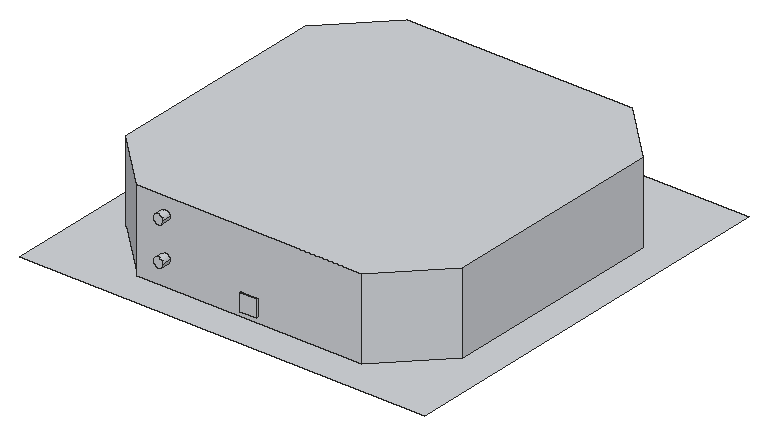
Revit family "Condicionador de Ar - Sistema Split - Cartucho", category Equipamento mecânico, Revit 2019
Family settings
  Cota do conector redondo = Usar raio
  Tipo de parte = Normal
  ID de item do Seek = Air Handling Unit - Split System - Horizontal-0000-CAN-ENU
  Com base no plano de trabalho = Não
  Sempre na vertical = Sim
  Corte com vazios quando carregada = Não
  Compartilhado = Não
  Ponto de cálculo do ambiente = Não
Parameters (values of type "Padrão")
  Largura do painel = 1200 mm
  Comprimento do painel = Largura do painel  # 1200 mm
  Altura do painel = 50 mm
  Largura da grelha linear = Largura da grelha de descarga / 11  # 63.636 mm
  Largura do duto de entrada = 700 mm
  Altura do duto de entrada = 700 mm
  Largura do evaporador = Comprimento do evaporador  # 1000 mm
  Watts = 0 W
  Voltagem = 230 V
  Fase = 0
  Corrente nominal = 0.0 A
  Classificação de carga = Refrigeração
  Altura da apara do evaporador = Comprimento do evaporador / 6  # 166.667 mm
  Capacidade de refrigeração = 34400 Btu/h
  Fluxo de ar [instance] = 1299.6 m³/h
  Número de pólos = 1
  Comprimento do evaporador = 1000 mm
  Altura do evaporador = 240 mm
  Frequência = 0 Hz
  Largura da grelha de descarga = Largura do painel - 500 mm  # 700 mm
  Comprimento da grelha de descarga = Largura da grelha de descarga  # 700 mm
  Raio DX = 14 mm
  Diâmetro DX = Raio DX * 2  # 28 mm
  Raio da condensação = 11 mm
  Diâmetro da condensação = Raio da condensação * 2  # 22 mm
  Assembly Code = ""
  Carga aparente = 0 VA
  Queda de pressão do ar [instance] = 124.0 Pa
  Material do ar condicionado = none
Reference planes
  plane 1 "Parte frontal": y = 0
  plane 2: z = 0
  plane 3 "Esquerda": x = 0
  plane 4 "Parte posterior": y = 1000
  plane 5: z = 240
  plane 6: z = 40.447
  plane 7 "Centro (Esquerda/Direita)": x = 500
  plane 8 "Centro (frente/trás)": y = 500
  plane 9 "Direita": x = 1000
  plane 10 "Topo da elétrica": z = 65.447
  plane 11 "Parte inferior da elétrica": z = 15.447
  plane 12: x = 525
  plane 13: x = 475
  plane 14: x = 250
  plane 15 "Topo do painel de gotejamento": z = 22
  plane 16 "Parte inferior do DX": z = 75
  plane 17 "Topo DX": z = 190
  plane 18: z = 120
  plane 19 "Centro (direita/esquerda)": x = 500
  plane 20 "Esquerda do painel": x = -100
  plane 21 "Direita do painel": x = 1100
  plane 22 "Traseira do painel": y = 1100
  plane 23 "Frente do painel": y = -100
  plane 24 "Esquerda da grelha": x = 150
  plane 25 "Direita da grelha": x = 850
  plane 26 "Traseira da grelha": y = 850
  plane 27 "Frente da grelha": y = 150
  plane 28 "Direita mesclada": x = 900
  plane 29 "Traseira mesclada": y = 900
  plane 30 "Frente mesclada": y = 100
  plane 31 "Esquerda mesclada": x = 100
  plane 32 "Parte inferior do painel": z = -50
  plane 33 "Grelha linear 1": x = 213.636
  plane 34 "Grelha linear 2": x = 277.273
  plane 35: x = 340.909
  plane 36: x = 404.545
  plane 37: x = 468.182
  plane 38: x = 531.818
  plane 39: x = 595.455
  plane 40: x = 659.091
  plane 41: x = 722.727
  plane 42: x = 786.364
  plane 43: y = 833.333
  plane 44: y = 166.667
  plane 45: x = 166.667
  plane 46: x = 833.333
Forms (mm)
  Extrusion 1, solid, material <- "Material do ar condicionado"
    sketch origin (0, 0, 0) x (1, 0, 0) y (0, 0, 1)
      loop
        line (475, 65.447) -> (475, 15.447) -> (525, 15.447) -> (525, 65.447) -> (475, 65.447)
    from 0 to 5
  Extrusion 2, solid, material <- "Material do ar condicionado"
    sketch origin (0, 0, 0) x (1, 0, 0) y (0, 0, 1)
      loop
        circle (250, 75) r 14
      loop
        circle (250, 190) r 14
    from 0 to 25
  Blend 3, solid, material <- "Material do ar condicionado"
    base sketch origin (0, 0, 0) x (1, 0, 0) y (0, 1, 0)
      loop
        line (-100, 1100) -> (-100, -100) -> (1100, -100) -> (1100, 1100) -> (-100, 1100)
    top sketch origin (0, 0, -50) x (0, 1, 0) y (-1, 0, 0)
      loop
        line (900, -100) -> (100, -100) -> (100, -900) -> (900, -900) -> (900, -100)
    from 0 to 0
  Extrusion 4, solid, material <- "Material do ar condicionado"
    sketch origin (0, 0, 0) x (1, 0, 0) y (0, 1, 0)
      loop
        line (166.972, 1000) -> (0, 833.028) -> (0, 166.667) -> (166.667, 0) -> (833.333, 0) -> (1000, 166.667) -> (1000, 833.333) -> (833.333, 1000) -> (166.972, 1000)
    from 0 to 240
Lines and regions (mm)
  model lines
    curve 1: line (150, 850, -50) -> (850, 850, -50)
    curve 2: line (150, 150, -50) -> (150, 850, -50)
    curve 3: line (850, 150, -50) -> (150, 150, -50)
    curve 4: line (850, 850, -50) -> (850, 150, -50)
    curve 5: line (213.636, 150, -50) -> (213.636, 850, -50)
    curve 6: line (277.273, 150, -50) -> (277.273, 850, -50)
    curve 7: line (340.909, 150, -50) -> (340.909, 850, -50)
    curve 8: line (404.545, 150, -50) -> (404.545, 850, -50)
    curve 9: line (468.182, 150, -50) -> (468.182, 850, -50)
    curve 10: line (531.818, 150, -50) -> (531.818, 850, -50)
    curve 11: line (595.455, 150, -50) -> (595.455, 850, -50)
    curve 12: line (659.091, 150, -50) -> (659.091, 850, -50)
    curve 13: line (722.727, 150, -50) -> (722.727, 850, -50)
    curve 14: line (786.364, 150, -50) -> (786.364, 850, -50)
Dimensions and locks
  "Comprimento do evaporador": plane 1 "Parte frontal" to plane 4 "Parte posterior"
  plane 6 to level = 40.447 mm
  equal spacing: plane 4 "Parte posterior", plane 8 "Centro (frente/trás)", plane 1 "Parte frontal"
  locked: plane 13 to plane 12 at 50
  locked: plane 10 "Topo da elétrica" to plane 11 "Parte inferior da elétrica" at 50
  equal spacing: plane 10 "Topo da elétrica", plane 6, plane 11 "Parte inferior da elétrica"
  equal spacing: plane 12, plane 7 "Centro (Esquerda/Direita)", plane 13, locked at 25 each
  "Diâmetro da condensação": plane 15 "Topo do painel de gotejamento" to plane 2
  equal spacing: plane 5, plane 18, plane 2
  "Altura do evaporador": plane 5 to plane 2
  locked: plane 5 to plane 17 "Topo DX" at 50
  locked: plane 16 "Parte inferior do DX" to plane 2 at 75
  equal spacing: plane 3 "Esquerda", plane 19 "Centro (direita/esquerda)", plane 9 "Direita"
  plane 3 "Esquerda" to plane 9 "Direita" = 1000 mm
  equal spacing: plane 22 "Traseira do painel", plane 8 "Centro (frente/trás)", plane 23 "Frente do painel"
  "Comprimento do painel": plane 22 "Traseira do painel" to plane 23 "Frente do painel"
  equal spacing: plane 20 "Esquerda do painel", plane 19 "Centro (direita/esquerda)", plane 21 "Direita do painel"
  "Comprimento do painel": plane 20 "Esquerda do painel" to plane 21 "Direita do painel"
  equal spacing: plane 24 "Esquerda da grelha", plane 19 "Centro (direita/esquerda)", plane 25 "Direita da grelha"
  "Largura da grelha de descarga": plane 24 "Esquerda da grelha" to plane 25 "Direita da grelha"
  equal spacing: plane 26 "Traseira da grelha", plane 8 "Centro (frente/trás)", plane 27 "Frente da grelha"
  "Comprimento da grelha de descarga": plane 26 "Traseira da grelha" to plane 27 "Frente da grelha"
  locked: plane 25 "Direita da grelha" to plane 28 "Direita mesclada" at 50
  locked: plane 29 "Traseira mesclada" to plane 26 "Traseira da grelha" at 50
  locked: plane 30 "Frente mesclada" to plane 27 "Frente da grelha" at 50
  locked: plane 31 "Esquerda mesclada" to plane 24 "Esquerda da grelha" at 50
  "Altura do painel": plane 2 to plane 32 "Parte inferior do painel"
  "Largura da grelha linear": plane 24 "Esquerda da grelha" to plane 33 "Grelha linear 1"
  "Largura da grelha linear": plane 33 "Grelha linear 1" to plane 34 "Grelha linear 2"
  "Largura da grelha linear": plane 34 "Grelha linear 2" to plane 35
  "Largura da grelha linear": plane 35 to plane 36
  "Largura da grelha linear": plane 36 to plane 37
  "Largura da grelha linear": plane 37 to plane 38
  "Largura da grelha linear": plane 38 to plane 39
  "Largura da grelha linear": plane 39 to plane 40
  "Largura da grelha linear": plane 40 to plane 41
  "Largura da grelha linear": plane 41 to plane 42
  "Altura da apara do evaporador": plane 4 "Parte posterior" to plane 43
  equal spacing: plane 44, plane 8 "Centro (frente/trás)", plane 43
  "Altura da apara do evaporador": plane 3 "Esquerda" to plane 45
  equal spacing: plane 45, plane 19 "Centro (direita/esquerda)", plane 46
  locked: plane 14 to plane 24 "Esquerda da grelha" at 100
  "Raio DX": radius of Extrusion 2 sketch curve  (x2)
  aligned and locked: plane 11 "Parte inferior da elétrica" to Extrusion 1
  aligned and locked: Extrusion 1 to plane 10 "Topo da elétrica"
  aligned and locked: plane 13 to Extrusion 1
  aligned and locked: plane 12 to Extrusion 1
  aligned and locked: plane 17 "Topo DX" to Extrusion 2 sketch curve
  aligned and locked: plane 14 to Extrusion 2 sketch curve  (x2)
  aligned and locked: plane 16 "Parte inferior do DX" to Extrusion 2 sketch curve
  aligned and locked: plane 19 "Centro (direita/esquerda)" to plane 7 "Centro (Esquerda/Direita)"
  aligned and locked: Blend 3 sketch curve to plane 22 "Traseira do painel"
  aligned and locked: Blend 3 sketch curve to plane 23 "Frente do painel"
  aligned and locked: plane 20 "Esquerda do painel" to Blend 3 sketch curve
  aligned and locked: plane 21 "Direita do painel" to Blend 3 sketch curve
  aligned and locked: Blend 3 sketch curve to plane 29 "Traseira mesclada"
  aligned and locked: plane 31 "Esquerda mesclada" to Blend 3 sketch curve
  aligned and locked: Blend 3 sketch curve to plane 30 "Frente mesclada"
  aligned and locked: plane 28 "Direita mesclada" to Blend 3 sketch curve
  aligned and locked: Blend 3 to plane 32 "Parte inferior do painel"
  aligned and locked: plane 25 "Direita da grelha" to curve 4
  aligned and locked: plane 24 "Esquerda da grelha" to curve 2
  aligned and locked: plane 33 "Grelha linear 1" to curve 5
  aligned and locked: plane 26 "Traseira da grelha" to curve 5
  aligned and locked: plane 35 to curve 7
  aligned and locked: plane 36 to curve 8
  aligned and locked: plane 37 to curve 9
  aligned and locked: plane 38 to curve 10
  aligned and locked: plane 39 to curve 11
  aligned and locked: plane 40 to curve 12
  aligned and locked: plane 41 to curve 13
  aligned and locked: plane 42 to curve 14
  aligned and locked: plane 27 "Frente da grelha" to curve 11
  aligned and locked: plane 27 "Frente da grelha" to curve 12
  aligned and locked: plane 26 "Traseira da grelha" to curve 6
  aligned and locked: plane 1 "Parte frontal" to Extrusion 4 sketch curve
  aligned and locked: Extrusion 4 sketch curve to plane 9 "Direita"
  aligned and locked: Extrusion 4 sketch curve to plane 3 "Esquerda"
  aligned and locked: Extrusion 4 sketch curve to plane 4 "Parte posterior"
  aligned and locked: plane 44 to Extrusion 4 sketch curve
  aligned and locked: plane 5 to Extrusion 4
Automatic sketch dimensions
  Extrusion 1 sketch curve to plane 11 "Parte inferior da elétrica" = 0 mm
  plane 13 to Extrusion 1 sketch curve = 0 mm
  Extrusion 1 sketch curve to plane 12 = 0 mm
  Extrusion 1 sketch curve to plane 10 "Topo da elétrica" = 0 mm
  curve 6 to plane 34 "Grelha linear 2" = 0 mm
  curve 7 to plane 35 = 0 mm
  Extrusion 4 sketch curve to plane 45 = 0 mm
  Extrusion 4 sketch curve to plane 46 = 0 mm  (x2)
  plane 44 to Extrusion 4 sketch curve = 0 mm
  Extrusion 4 sketch curve to plane 43 = 0 mm
  plane 45 to Extrusion 4 sketch curve = 0.305 mm
  Extrusion 4 sketch curve to plane 43 = 0.305 mm
Connectors
  piping at (250, -25, 75), diameter 28, driven by "Raio DX"
    settings: on Extrusion 2, index 9, connector inside diameter 28 mm, connector length 0 mm, flow factor 0, pipe flow 0.0 L/s, pressure drop 0.0 Pa, fitting loss kfactor 0, connector angle 0.00°, fixture units 0, engagement length 0 mm, angle of deflection 0.00°, flow configuration 1, flow direction 1, fitting loss method 0, system type 22, joint type 0, gender type 0, connector reference index 10, connector utility 0, adjustable connector no, is connector primary yes, connector description "Entrada do refrigerante"
  piping at (250, -25, 190), diameter 28, driven by "Raio DX"
    settings: on Extrusion 2, index 10, connector inside diameter 28 mm, connector length 0 mm, flow factor 0, pipe flow 0.0 L/s, pressure drop 0.0 Pa, fitting loss kfactor 0, connector angle 0.00°, fixture units 0, engagement length 0 mm, angle of deflection 0.00°, flow configuration 1, flow direction 2, fitting loss method 0, system type 22, joint type 0, gender type 0, connector reference index 9, connector utility 0, adjustable connector no, is connector primary no, connector description "Saída do refrigerante"
  electrical at (500, -5, 40.447), driven by "Número de pólos", driven by "Classificação de carga", driven by "Voltagem", driven by "Carga aparente"
    settings: on Extrusion 1, index 13, voltage 230 V, apparent load 0 VA, apparent load phase1 0 VA, apparent load phase2 0 VA, apparent load phase3 0 VA, power factor 0.8, load classification "Refrigeração", number of poles 1, system type 30, power factor state 1, is connector primary yes, connector utility no, sub classification motor no, connector description "Potência"
  hvac at (500.038, 499.962, 240), driven by "Fluxo de ar", driven by "Altura do duto de entrada", driven by "Largura do duto de entrada"
    settings: on Extrusion 4, index 15, duct flow 1299.6 m³/h, flow factor 0, pres drop 0.0 Pa, loss coef 0, conn angle 0.00°, conn width 700 mm, conn height 700 mm, conn diameter 609.6 mm, duct sys type 2, conn prof type 1, flow config 0, flow direction 1, loss method 0, conn ref index -1, conn util no, is conn primary yes, conn desc "Entrada de retorno de ar"
Types in the file's own list only (5): name | Largura do painel | Comprimento do painel | Altura do painel | Largura da grelha linear | Largura do evaporador | Watts | Voltagem | Fase | Corrente nominal | Altura da apara do evaporador | Capacidade de refrigeração | Comprimento do evaporador | Altura do evaporador | Frequência | Largura da grelha de descarga | Comprimento da grelha de descarga
  18000 Btu/h | 950 mm | 950 mm | 60 mm | 41 mm | 840 mm | 2200 W | 220 V | 1 | 10.0 A | 140 mm | 18000 Btu/h | 840 mm | 240 mm | 60 Hz | 450 mm | 450 mm
  24000 Btu/h | 950 mm | 950 mm | 60 mm | 41 mm | 840 mm | 2640 W | 220 V | 1 | 12.0 A | 140 mm | 24000 Btu/h | 840 mm | 240 mm | 60 Hz | 450 mm | 450 mm
  30000 Btu/h | 950 mm | 950 mm | 60 mm | 41 mm | 840 mm | 3740 W | 220 V | 1 | 17.0 A | 140 mm | 30000 Btu/h | 840 mm | 240 mm | 60 Hz | 450 mm | 450 mm
  36000 Btu/h | 950 mm | 950 mm | 60 mm | 41 mm | 840 mm | 4400 W | 220 V | 1 | 20.0 A | 140 mm | 36000 Btu/h | 840 mm | 240 mm | 60 Hz | 450 mm | 450 mm
  48000 Btu/h | 950 mm | 950 mm | 60 mm | 41 mm | 840 mm | 4413 W | 220 V | 3 | 14.5 A | 140 mm | 48000 Btu/h | 840 mm | 320 mm | 60 Hz | 450 mm | 450 mm
